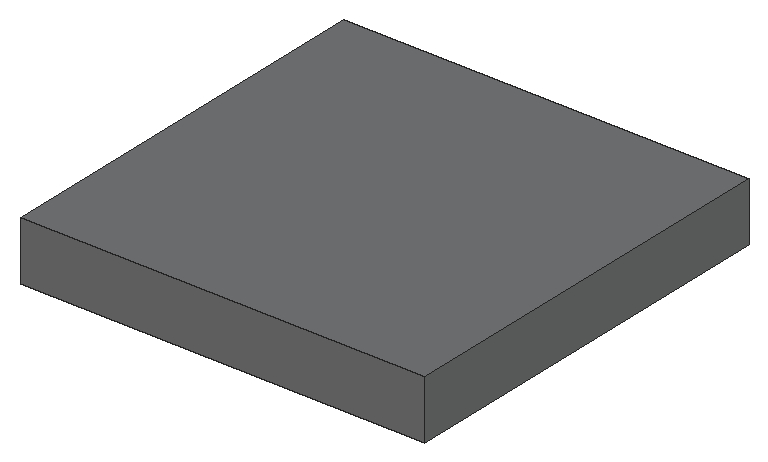
Revit family "Gira_028528", category Electrical Fixtures, host Face, Revit 2017
Family settings
  Host = Face
  Maintain Annotation Orientation = No
  Round Connector Dimension = Use Diameter
  Part Type = Normal
  Cut with Voids When Loaded = No
  Shared = No
  Room Calculation Point = No
Parameters (values of type "Wippe Symb. Licht System 55 Anthrazit")
  Werkstoffgüte = "Thermoplast"
  Werkstoff = "Kunststoff"
  Verwendung = "Schalter/Taster"
  URL = "http://katalog.gira.de/de_DE/datenblatt.html?artikelnr=028528"
  Region = "DE"
  Oberfläche = "sonstige"
  Name = "Wippe Symb. Licht System 55 Anthrazit"
  Mit austauschbarer Linse/Symbol = "No"
  Mit Beschriftungsfeld = "No"
  Manufacturer URL = "https://www.gira.de/"
  Kontrollfenster/Lichtauslass = "No"
  Keynote = "Sys55_Abdeckung_Schalten und Tasten"
  HeinzeBIM = "https://bimportal.heinze.de/bim/wippe-symb-licht-system-55-anthrazit/a5a41d2bfbbfeb70343818744da5cbe27374b8bc"
  Halogenfrei = "Yes"
  HAN = "028528"
  Geeignet für Schutzart (IP) = "IP20"
  Geeignet für Bussystem-Tasterankopplung = "No"
  GTIN = "4010337285281"
  Farbe = "anthrazit"
  Default Elevation = 1219.2 mm
  Data sheet (1) = "https://katalog.gira.de/de_DE/download.html?artikelnr=028528"
  Category = "Abdeckung/Bedienelement für Installationsschalterprogramme"
  Befestigungsart = "Klemmbefestigung"
  Available = "Yes"
  Ausführung = "einteilige Wippe"
  Aufdruck/Kennzeichnung = "Symbol \"Licht\""
  Anthrazit [instance] = Anthrazit
  Abtastbares Symbol/barrierefrei = "No"
Reference planes
  plane 1 "Center (Front/Back)": y = 0
  plane 2: z = 0
  plane 3 "Center (Left/Right)": x = 0
Forms (mm)
  Extrusion 1, solid, material "Anthrazit" <- "Anthrazit", detail levels fine
    sketch origin (0, 0, 0) x (1, 0, 0) y (0, 1, 0)
      loop
        line (-27.5, 27.5) -> (-27.5, -27.5) -> (27.5, -27.5) -> (27.5, 27.5) -> (-27.5, 27.5)
    from 0 to 8
  Extrusion 2, void
    sketch origin (0, 0, 0) x (1, 0, 0) y (0, 1, 0)
      loop
        line (26, 26) -> (-26, 26) -> (-26, -26) -> (26, -26) -> (26, 26)
    from 0 to 6
  Extrusion 3, solid, material "Anthrazit" <- "Anthrazit", detail levels medium
    sketch origin (0, 0, 0) x (1, 0, 0) y (0, 1, 0)
      loop
        line (-27.5, 27.5) -> (-27.5, -27.5) -> (27.5, -27.5) -> (27.5, 27.5) -> (-27.5, 27.5)
    from 0 to 8
  Extrusion 4, solid, material "Anthrazit" <- "Anthrazit", detail levels medium
    sketch origin (0, 0, 0) x (1, 0, 0) y (0, 1, 0)
      loop
        line (11, -17.5) -> (11, 17.5) -> (-11, 17.5) -> (-11, -17.5) -> (11, -17.5)
    from -6 to 6
  Extrusion 5, solid, material "Anthrazit" <- "Anthrazit", detail levels fine
    sketch origin (0, 0, 0) x (1, 0, 0) y (0, 1, 0)
      loop
        line (11, 17.5) -> (-11, 17.5) -> (-11, 16.5) -> (11, 16.5) -> (11, 17.5)
      loop
        line (-11, -16.5) -> (-11, -17.5) -> (11, -17.5) -> (11, -16.5) -> (-11, -16.5)
    from -4 to 6
  Extrusion 6, solid, material "Anthrazit" <- "Anthrazit", detail levels fine
    sketch origin (0, 0, 0) x (1, 0, 0) y (0, 1, 0)
      loop
        arc (5, 9.347) -> (0, 10.6) -> (-5, 9.347) r 10.6
        line (-5, 9.347) -> (-5, -9.347)
        arc (-5, -9.347) -> (0, -10.6) -> (5, -9.347) r 10.6
        line (5, -9.347) -> (5, 9.347)
    from -6 to 6
  Extrusion 7, solid, material "Anthrazit" <- "Anthrazit", detail levels coarse
    sketch origin (0, 0, 0) x (1, 0, 0) y (0, 1, 0)
      loop
        line (-27.5, 27.5) -> (-27.5, -27.5) -> (27.5, -27.5) -> (27.5, 27.5) -> (-27.5, 27.5)
    from -6 to 8
Cuts and joins
  Extrusion 2 cuts Extrusion 1
Dimensions and locks
  aligned and locked: plane 2 to host face
  aligned and locked: level to host face
